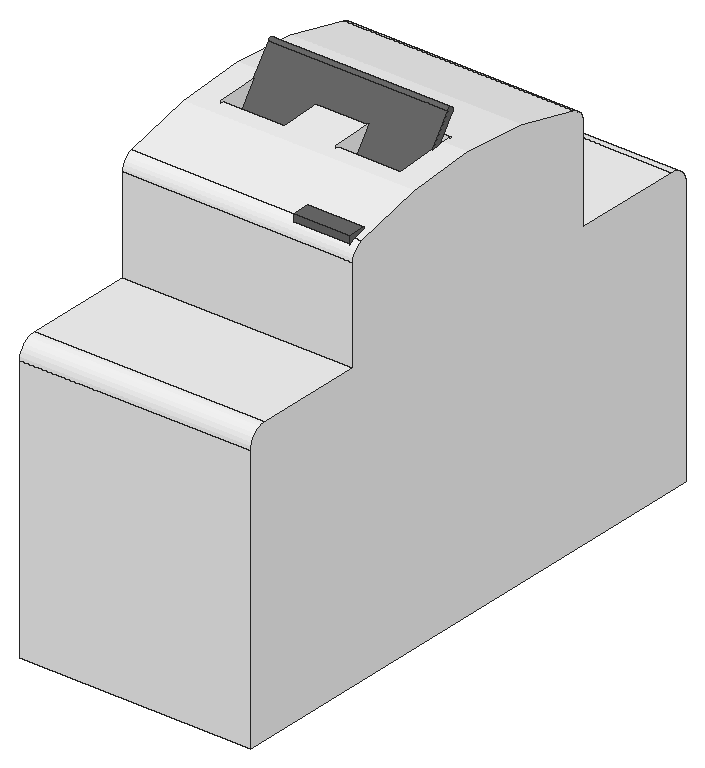
Revit family "Power-ModularDevices-GEWISS-90RCD-MDC100_2P", category Apparecchi elettrici, host Superficie, Revit 2016 (continued)
Definition of nested family "MAGTERDF"
  Lines and regions (mm)
    detail lines, not visible
      curve 47: line (-0.005, 3.21, 0) -> (0.852, 4.433, 0)
      curve 48: line (0.852, 4.433, 0) -> (1.529, 3.951, 0)
      curve 49: circle (-0.56, 2.417, 0) r 0.969 normal (0, 0, 1)
      curve 50: line (-0.005, 3.21, 0) -> (0.852, 4.433, 0)
      curve 51: line (0.852, 4.433, 0) -> (1.529, 3.951, 0)
      curve 52: line (-1.245, 3.102, 0) -> (0.124, 1.732, 0)
      curve 53: line (0.124, 3.102, 0) -> (-1.245, 1.732, 0)
      curve 54: line (0.493, 3.921, 0) -> (1.167, 3.442, 0)
      curve 55: line (0.493, 3.921, 0) -> (1.167, 3.442, 0)
      curve 56: circle (-0.56, 2.417, 0) r 0.969 normal (0, 0, 1)
      curve 57: line (-0.005, 3.21, 0) -> (0.852, 4.433, 0)
      curve 58: line (0.852, 4.433, 0) -> (1.529, 3.951, 0)
      curve 59: line (-0.56, 2.979, 0) -> (-0.56, 1.854, 0)
      curve 60: line (0.493, 3.921, 0) -> (1.167, 3.442, 0)
      curve 73: line (-1.644, 2.848, 0) -> (1.644, 2.848, 0)
      curve 74: line (-1.644, 0.61, 0) -> (-1.644, 2.848, 0)
      curve 75: line (1.644, 0.61, 0) -> (-1.644, 0.61, 0)
      curve 76: line (1.644, 2.848, 0) -> (1.644, 0.61, 0)
      curve 77: line (-1.325, 0.987, 0) -> (1.325, 0.987, 0)
      curve 78: circle (0, 1.912, 0) r 0.5 normal (0, 0, 1)
      curve 79: circle (0, 1.912, 0) r 0.8 normal (0, 0, 1)
      curve 80: line (-1.325, 0.987, 0) -> (1.325, 0.987, 0)
      curve 81: line (-0.354, 2.265, 0) -> (0.354, 1.558, 0)
      curve 82: line (0.354, 2.265, 0) -> (-0.354, 1.558, 0)
  Dimensions and locks
    "Distanza dal muro": plane 1 to nested 1
    aligned and locked: curve 5 to curve 3
    aligned and locked: plane 2 to nested 1
  Nested families
    nested 1: "MAGTERDF_BASE" at (0, 4.208, 0), BORDO ACCESO <- "BORDO ACCESO", visible <- "SIMBOLO", type "SIMBOLO"
      with TESTO ELETTRICO "Id", BORDO ACCESO yes
  Definition of nested family "MAGTERDF_BASE"
    Parameters (values of type "SIMBOLO")
      TESTO ELETTRICO [instance] = "Id"
      BORDO ACCESO [instance] = yes
    Reference planes
      plane 1: y = 0
      plane 2: x = 0
    Lines and regions (mm)
      detail lines, visible <- "BORDO ACCESO", not visible
        curve 1: line (-1.943, 9.208, 0) -> (1.857, 9.208, 0)
        curve 2: line (1.857, 9.208, 0) -> (1.857, 4.208, 0)
        curve 3: line (1.857, 4.208, 0) -> (-1.943, 4.208, 0)
        curve 4: line (-1.943, 4.208, 0) -> (-1.943, 9.208, 0)
        curve 5: line (-1.743, 9.008, 0) -> (1.657, 9.008, 0)
        curve 6: line (1.657, 9.008, 0) -> (1.657, 4.408, 0)
        curve 7: line (1.657, 4.408, 0) -> (-1.743, 4.408, 0)
        curve 8: line (-1.743, 4.408, 0) -> (-1.743, 9.008, 0)
      detail lines, not visible
        curve 9: line (-1.644, 2.848, 0) -> (1.644, 2.848, 0)
        curve 10: line (-1.644, 0.61, 0) -> (-1.644, 2.848, 0)
        curve 11: line (1.644, 0.61, 0) -> (-1.644, 0.61, 0)
        curve 12: line (1.644, 2.848, 0) -> (1.644, 0.61, 0)
        curve 13: line (-1.325, 0.987, 0) -> (1.325, 0.987, 0)
        curve 14: circle (0, 1.912, 0) r 0.5 normal (0, 0, 1)
        curve 15: circle (0, 1.912, 0) r 0.8 normal (0, 0, 1)
        curve 16: line (-1.325, 0.987, 0) -> (1.325, 0.987, 0)
        curve 17: line (-0.354, 2.265, 0) -> (0.354, 1.558, 0)
        curve 18: line (0.354, 2.265, 0) -> (-0.354, 1.558, 0)
        curve 19: circle (0, -4.588, 0) r 1 normal (0, 0, 1)
        curve 20: circle (0, -4.588, 0) r 0.749 normal (0, 0, 1)
        curve 21: line (0.53, -5.117, 0) -> (-0.53, -4.058, 0)
        curve 22: line (-0.53, -5.117, 0) -> (0.53, -4.058, 0)
        curve 23: circle (0, -6.992, 0) r 1 normal (0, 0, 1)
        curve 24: circle (0, -6.992, 0) r 0.749 normal (0, 0, 1)
        curve 25: circle (0, -8.992, 0) r 1 normal (0, 0, 1)
        curve 26: circle (0, -8.992, 0) r 0.749 normal (0, 0, 1)
        curve 27: circle (0, 2.508, 0) r 0.527 normal (0, 0, 1)
        curve 28: line (0, 2.809, 0) -> (0, 2.179, 0)
        curve 29: circle (0, 2.508, 0) r 0.394 normal (0, 0, 1)
        curve 30: line (0, 1.982, 0) -> (0, 1.691, 0)
        curve 31: line (-0.162, 1.691, 0) -> (0.162, 1.691, 0)
        curve 32: line (-0.162, 1.691, 0) -> (0, 1.41, 0)
        curve 33: line (0, 1.41, 0) -> (0.162, 1.691, 0)
        curve 34: line (-0.866, 3.093, 0) -> (0.866, 3.093, 0)
        curve 35: line (-0.866, 1.915, 0) -> (-0.866, 3.093, 0)
        curve 36: line (0.866, 1.915, 0) -> (-0.866, 1.915, 0)
        curve 37: line (0.866, 3.093, 0) -> (0.866, 1.915, 0)
        curve 38: line (-0.698, 2.113, 0) -> (0.698, 2.113, 0)
        curve 39: circle (0, 2.6, 0) r 0.263 normal (0, 0, 1)
        curve 40: circle (0, 2.6, 0) r 0.421 normal (0, 0, 1)
        curve 41: line (-0.698, 2.113, 0) -> (0.698, 2.113, 0)
        curve 42: line (-0.186, 2.786, 0) -> (0.186, 2.414, 0)
        curve 43: line (0.186, 2.786, 0) -> (-0.186, 2.414, 0)
        curve 44: circle (0, 2.508, 0) r 0.527 normal (0, 0, 1)
        curve 45: circle (0, 2.508, 0) r 0.394 normal (0, 0, 1)
        curve 46: line (0.279, 2.229, 0) -> (-0.279, 2.787, 0)
        curve 47: line (-0.279, 2.229, 0) -> (0.279, 2.787, 0)
        curve 48: circle (0, 3.035, 0) r 0.527 normal (0, 0, 1)
        curve 49: circle (0, 3.035, 0) r 0.394 normal (0, 0, 1)
        curve 50: circle (0, 1.982, 0) r 0.527 normal (0, 0, 1)
        curve 51: circle (0, 1.982, 0) r 0.394 normal (0, 0, 1)
        curve 52: line (7.117, 11.625, 0) -> (8, 12.528, 0)
        curve 53: line (7.117, 12.528, 0) -> (8, 11.625, 0)
        curve 54: line (4.688, 6.204, 0) -> (10.431, 6.204, 0)
        curve 55: line (10.431, 6.204, 0) -> (10.431, 0.331, 0)
        curve 56: line (10.431, 0.331, 0) -> (4.688, 0.331, 0)
        curve 57: line (4.688, 0.331, 0) -> (4.688, 6.204, 0)
        curve 58: line (4.688, 3.267, 0) -> (10.431, 3.267, 0)
        curve 59: line (5.351, 12.077, 0) -> (7.56, 7.332, 0)
        curve 60: line (7.56, 7.332, 0) -> (7.56, 6.204, 0)
        curve 61: line (7.56, 6.204, 0) -> (7.56, 5.525, 0)
        curve 62: line (7.56, 5.525, 0) -> (8.884, 5.525, 0)
        curve 63: line (8.884, 5.525, 0) -> (8.884, 3.944, 0)
        curve 64: line (8.884, 3.944, 0) -> (7.56, 3.944, 0)
        curve 65: line (7.56, 3.944, 0) -> (7.56, 3.267, 0)
        curve 66: line (7.56, 3.267, 0) -> (7.56, 2.362, 0)
        curve 67: line (7.56, 2.362, 0) -> (8.443, 2.362, 0)
        curve 68: line (8.443, 1.007, 0) -> (7.56, 1.007, 0)
        curve 69: line (7.56, 1.007, 0) -> (7.56, 0.331, 0)
        curve 70: line (5.651, 11.428, 0) -> (6.285, 10.069, 0)
        curve 71: line (6.285, 10.069, 0) -> (5.843, 9.843, 0)
        curve 72: line (5.843, 9.843, 0) -> (5.2, 11.2, 0)
        curve 73: line (5.2, 11.2, 0) -> (5.651, 11.428, 0)
        curve 74: line (5.651, 11.428, 0) -> (5.2, 11.2, 0)
        curve 75: line (5.2, 11.2, 0) -> (5.843, 9.843, 0)
        curve 76: line (5.843, 9.843, 0) -> (6.285, 10.069, 0)
        curve 77: line (6.285, 10.069, 0) -> (5.651, 11.428, 0)
        curve 78: line (5.651, 11.428, 0) -> (5.2, 11.2, 0)
        curve 79: line (5.2, 11.2, 0) -> (5.843, 9.843, 0)
        curve 80: line (5.843, 9.843, 0) -> (6.285, 10.069, 0)
        curve 81: line (6.285, 10.069, 0) -> (5.651, 11.428, 0)
        curve 82: line (5.651, 11.428, 0) -> (5.2, 11.2, 0)
        curve 83: line (5.2, 11.2, 0) -> (5.843, 9.843, 0)
        curve 84: line (5.843, 9.843, 0) -> (6.285, 10.069, 0)
        curve 85: line (4.688, 0.331, 0) -> (10.431, 0.331, 0)
        curve 86: line (10.431, 0.331, 0) -> (10.431, -2.606, 0)
        curve 87: line (10.431, -2.606, 0) -> (4.688, -2.606, 0)
        curve 88: line (4.688, -2.606, 0) -> (4.688, 0.331, 0)
        curve 89: line (7.56, -6.718, 0) -> (7.56, -2.606, 0)
        curve 90: line (7.56, 12.075, 0) -> (7.56, 16.775, 0)
        curve 91: arc (8.443, 2.362, 0) -> (9.12, 1.685, 0) -> (8.443, 1.007, 0) r 0.677
        curve 111: line (-1.483, 1.007, 0) -> (-1.663, 1.007, 0)
        curve 112: line (-1.483, 0.807, 0) -> (-1.483, 1.007, 0)
        curve 113: line (-1.663, 0.807, 0) -> (-1.483, 0.807, 0)
        curve 114: line (-1.663, 1.007, 0) -> (-1.663, 0.807, 0)
        curve 118: arc (1.499, 0.957, 0) -> (1.599, 1.057, 0) -> (1.499, 1.157, 0) r 0.1
        curve 119: line (1.499, 1.157, 0) -> (1.499, 0.957, 0)
      detail lines
        curve 92: line (-0.347, 1.488, 0) -> (0.346, 1.488, 0)
        curve 93: line (0.346, 1.488, 0) -> (0.346, 0.779, 0)
        curve 94: line (0.346, 0.779, 0) -> (-0.347, 0.779, 0)
        curve 95: line (-0.347, 0.779, 0) -> (-0.347, 1.488, 0)
        curve 96: line (-0.347, 1.134, 0) -> (0.346, 1.134, 0)
        curve 97: line (-0.267, 2.197, 0) -> (0, 1.624, 0)
        curve 98: line (0, 1.406, 0) -> (0.16, 1.406, 0)
        curve 99: line (0.16, 1.406, 0) -> (0.16, 1.216, 0)
        curve 100: line (0.16, 1.216, 0) -> (0, 1.216, 0)
        curve 101: line (-0.347, 0.779, 0) -> (0.346, 0.779, 0)
        curve 102: line (0.346, 0.779, 0) -> (0.346, 0.425, 0)
        curve 103: line (0.346, 0.425, 0) -> (-0.347, 0.425, 0)
        curve 104: line (-0.347, 0.425, 0) -> (-0.347, 0.779, 0)
        curve 105: line (0, 0.125, 0) -> (0, 0.863, 0)
        curve 106: line (0, 2.197, 0) -> (0, 2.397, 0)
        curve 107: line (0, 1.053, 0) -> (0.189, 1.053, 0)
        curve 108: line (0.191, 0.863, 0) -> (0, 0.863, 0)
        curve 109: line (-0.071, 2.127, 0) -> (0.068, 2.27, 0)
        curve 110: line (-0.071, 2.27, 0) -> (0.068, 2.127, 0)
        curve 115: line (0, 1.406, 0) -> (0, 1.624, 0)
        curve 116: line (0, 1.053, 0) -> (0, 1.216, 0)
        curve 117: arc (0.191, 0.863, 0) -> (0.26, 0.959, 0) -> (0.189, 1.053, 0) r 0.1
    Text (mm)
      label "Id" at (0.045, 0.601, 0), shows "TESTO ELETTRICO"
      label "TXT" at (0.016, 2.473, 0), shows "TESTO ELETTRICO", not visible
Types (94, lengths in mm): name | Voltaggio | URL | Type: | Type | Technical sheet | Rated voltage (EN/IEC 61009-1, 61009-2-1) | Rated voltage | Rated residual operating current | Rated current: | Rated current (In) | Produttore | Precision | Modello | Level of immunity (8/20 Âµs) | Label | Idn | IDT | EAN code | Descrizione | Curve | Breaking capacity EN 61009-1 230V (Icn) | Breaking capacity EN 61009-1 110V (Icn) | Breaking capacity EN 60947-2 230V (Icu) | Breaking capacity EN 60947-2 110V (Icu)
  (no name) | 230 V | 0 | "" | "" | "" | "" | "" | "" | "" | "" | 0 | "" | 0 | "" | "" | "" | "" | "" | 0 | "" | "" | "" | "" | ""
  GW95025 - COMPACT RCBO 2P C6 10KA AC/0.03 2M | 230 V | "https://www.gewiss.com/ww/en" | "AC" | "AC" | "https://www.gewiss.com/ww/en/search?q=GW95025" | "230/240 V" | "230V" | "30 mA" | "6A" | "6A" | "GEWISS S.p.A." | "30 mA" | "GW95025" | "250A" | "MDC 100" | "30MA" | "8d3df405-2b94-41b2-abbb-4ae20a51911e" | "8011564074910" | "COMPACT RCBO 2P C6 10KA AC/0.03 2M" | "C" | "10000A" | "" | "10KA" | ""
  GW95026 - COMPACT RCBO 2P C10 10KA AC/0.03 2M | 230 V | "https://www.gewiss.com/ww/en" | "AC" | "AC" | "https://www.gewiss.com/ww/en/search?q=GW95026" | "230/240 V" | "230V" | "30 mA" | "10A" | "10A" | "GEWISS S.p.A." | "30 mA" | "GW95026" | "250A" | "MDC 100" | "30MA" | "4df71ee7-823f-4e7f-9495-c35f6515f346" | "8011564074927" | "COMPACT RCBO 2P C10 10KA AC/0.03 2M" | "C" | "10000A" | "" | "10KA" | ""
  GW95031 - COMPACT RCBO 2P C13 10KA AC/0.03 2M | 230 V | "https://www.gewiss.com/ww/en" | "AC" | "AC" | "https://www.gewiss.com/ww/en/search?q=GW95031" | "230/240 V" | "230V" | "30 mA" | "13A" | "13A" | "GEWISS S.p.A." | "30 mA" | "GW95031" | "250A" | "MDC 100" | "30MA" | "c53fbdf6-36ba-49b1-aea4-9eb201a894e6" | "8011564225718" | "COMPACT RCBO 2P C13 10KA AC/0.03 2M" | "C" | "10000A" | "" | "10KA" | ""
  GW95027 - COMPACT RCBO 2P C16 10KA AC/0.03 2M | 230 V | "https://www.gewiss.com/ww/en" | "AC" | "AC" | "https://www.gewiss.com/ww/en/search?q=GW95027" | "230/240 V" | "230V" | "30 mA" | "16A" | "16A" | "GEWISS S.p.A." | "30 mA" | "GW95027" | "250A" | "MDC 100" | "30MA" | "2911f079-7d8e-415c-83a1-1bec5a62cdf2" | "8011564074934" | "COMPACT RCBO 2P C16 10KA AC/0.03 2M" | "C" | "10000A" | "" | "10KA" | ""
  GW95028 - COMPACT RCBO 2P C20 10KA AC/0.03 2M | 230 V | "https://www.gewiss.com/ww/en" | "AC" | "AC" | "https://www.gewiss.com/ww/en/search?q=GW95028" | "230/240 V" | "230V" | "30 mA" | "20A" | "20A" | "GEWISS S.p.A." | "30 mA" | "GW95028" | "250A" | "MDC 100" | "30MA" | "34488e40-f777-46bf-be80-f7eb6856161f" | "8011564074941" | "COMPACT RCBO 2P C20 10KA AC/0.03 2M" | "C" | "10000A" | "" | "10KA" | ""
  GW95029 - COMPACT RCBO 2P C25 10KA AC/0.03 2M | 230 V | "https://www.gewiss.com/ww/en" | "AC" | "AC" | "https://www.gewiss.com/ww/en/search?q=GW95029" | "230/240 V" | "230V" | "30 mA" | "25A" | "25A" | "GEWISS S.p.A." | "30 mA" | "GW95029" | "250A" | "MDC 100" | "30MA" | "785a46a9-d2c7-41ec-be68-d5f653aef145" | "8011564074958" | "COMPACT RCBO 2P C25 10KA AC/0.03 2M" | "C" | "10000A" | "" | "10KA" | ""
  GW95030 - COMPACT RCBO 2P C32 10KA AC/0.03 2M | 230 V | "https://www.gewiss.com/ww/en" | "AC" | "AC" | "https://www.gewiss.com/ww/en/search?q=GW95030" | "230/240 V" | "230V" | "30 mA" | "32A" | "32A" | "GEWISS S.p.A." | "30 mA" | "GW95030" | "250A" | "MDC 100" | "30MA" | "cef7baa3-4068-4053-bf54-cf54f08884fb" | "8011564074965" | "COMPACT RCBO 2P C32 10KA AC/0.03 2M" | "C" | "10000A" | "" | "10KA" | ""
  GW95035 - COMPACT RCBO 2P C6 10KA AC/0.3 2M | 230 V | "https://www.gewiss.com/ww/en" | "AC" | "AC" | "https://www.gewiss.com/ww/en/search?q=GW95035" | "230/240 V" | "230V" | "300 mA" | "6A" | "6A" | "GEWISS S.p.A." | "300 mA" | "GW95035" | "250A" | "MDC 100" | "300MA" | "61d4b7ec-5f7c-4d3a-9406-77a0bedc8bbe" | "8011564074972" | "COMPACT RCBO 2P C6 10KA AC/0.3 2M" | "C" | "10000A" | "" | "10KA" | ""
  GW95036 - COMPACT RCBO 2P C10 10KA AC/0.3 2M | 230 V | "https://www.gewiss.com/ww/en" | "AC" | "AC" | "https://www.gewiss.com/ww/en/search?q=GW95036" | "230/240 V" | "230V" | "300 mA" | "10A" | "10A" | "GEWISS S.p.A." | "300 mA" | "GW95036" | "250A" | "MDC 100" | "300MA" | "470cc50c-d7bb-4e66-ae8b-33a25cb853f2" | "8011564074989" | "COMPACT RCBO 2P C10 10KA AC/0.3 2M" | "C" | "10000A" | "" | "10KA" | ""
  GW95037 - COMPACT RCBO 2P C16 10KA AC/0.3 2M | 230 V | "https://www.gewiss.com/ww/en" | "AC" | "AC" | "https://www.gewiss.com/ww/en/search?q=GW95037" | "230/240 V" | "230V" | "300 mA" | "16A" | "16A" | "GEWISS S.p.A." | "300 mA" | "GW95037" | "250A" | "MDC 100" | "300MA" | "8ee01219-1780-49d7-a92f-3f1024cab5d4" | "8011564074996" | "COMPACT RCBO 2P C16 10KA AC/0.3 2M" | "C" | "10000A" | "" | "10KA" | ""
  GW95038 - COMPACT RCBO 2P C20 10KA AC/0.3 2M | 230 V | "https://www.gewiss.com/ww/en" | "AC" | "AC" | "https://www.gewiss.com/ww/en/search?q=GW95038" | "230/240 V" | "230V" | "300 mA" | "20A" | "20A" | "GEWISS S.p.A." | "300 mA" | "GW95038" | "250A" | "MDC 100" | "300MA" | "73f81947-e090-4e4b-888d-0dbdc01fe8bd" | "8011564075009" | "COMPACT RCBO 2P C20 10KA AC/0.3 2M" | "C" | "10000A" | "" | "10KA" | ""
  GW95039 - COMPACT RCBO 2P C25 10KA AC/0.3 2M | 230 V | "https://www.gewiss.com/ww/en" | "AC" | "AC" | "https://www.gewiss.com/ww/en/search?q=GW95039" | "230/240 V" | "230V" | "300 mA" | "25A" | "25A" | "GEWISS S.p.A." | "300 mA" | "GW95039" | "250A" | "MDC 100" | "300MA" | "476ae98d-d1b4-45bc-b0cf-247df32e742a" | "8011564075016" | "COMPACT RCBO 2P C25 10KA AC/0.3 2M" | "C" | "10000A" | "" | "10KA" | ""
  GW95040 - COMPACT RCBO 2P C32 10KA AC/0.3 2M | 230 V | "https://www.gewiss.com/ww/en" | "AC" | "AC" | "https://www.gewiss.com/ww/en/search?q=GW95040" | "230/240 V" | "230V" | "300 mA" | "32A" | "32A" | "GEWISS S.p.A." | "300 mA" | "GW95040" | "250A" | "MDC 100" | "300MA" | "ebbe6a09-b8e5-4852-9caa-f9ab46d6149f" | "8011564075023" | "COMPACT RCBO 2P C32 10KA AC/0.3 2M" | "C" | "10000A" | "" | "10KA" | ""
  GW95025MA - COMPACT RCBO 2P C6 10KA AC/0.03 2M MA | 110 V | "https://www.gewiss.com/ww/en" | "AC" | "AC" | "https://www.gewiss.com/ww/en/search?q=GW95025MA" | "110 V" | "110V" | "30 mA" | "6A" | "6A" | "GEWISS S.p.A." | "30 mA" | "GW95025MA" | "250A" | "MDC 100 MA" | "30MA" | "9a266e9e-bd10-4031-a347-484345d2219b" | "8011564290112" | "COMPACT RCBO 2P C6 10KA AC/0.03 2M MA" | "C" | "" | "10000A" | "" | "10KA"
  GW95026MA - COMPACT RCBO 2P C10 10KA AC/0.03 2M MA | 110 V | "https://www.gewiss.com/ww/en" | "AC" | "AC" | "https://www.gewiss.com/ww/en/search?q=GW95026MA" | "110 V" | "110V" | "30 mA" | "10A" | "10A" | "GEWISS S.p.A." | "30 mA" | "GW95026MA" | "250A" | "MDC 100 MA" | "30MA" | "06e7e076-0ccf-4758-9e00-fe7e99cc8792" | "8011564290129" | "COMPACT RCBO 2P C10 10KA AC/0.03 2M MA" | "C" | "" | "10000A" | "" | "10KA"
  GW95031MA - COMPACT RCBO 2P C13 10KA AC/0.03 2M MA | 110 V | "https://www.gewiss.com/ww/en" | "AC" | "AC" | "https://www.gewiss.com/ww/en/search?q=GW95031MA" | "110 V" | "110V" | "30 mA" | "13A" | "13A" | "GEWISS S.p.A." | "30 mA" | "GW95031MA" | "250A" | "MDC 100 MA" | "30MA" | "1738b5a5-0bda-4605-a4f1-d76b1fc361c2" | "8011564290181" | "COMPACT RCBO 2P C13 10KA AC/0.03 2M MA" | "C" | "" | "10000A" | "" | "10KA"
  GW95027MA - COMPACT RCBO 2P C16 10KA AC/0.03 2M MA | 110 V | "https://www.gewiss.com/ww/en" | "AC" | "AC" | "https://www.gewiss.com/ww/en/search?q=GW95027MA" | "110 V" | "110V" | "30 mA" | "16A" | "16A" | "GEWISS S.p.A." | "30 mA" | "GW95027MA" | "250A" | "MDC 100 MA" | "30MA" | "b505edd6-6974-4201-98b6-621f474057dd" | "8011564290136" | "COMPACT RCBO 2P C16 10KA AC/0.03 2M MA" | "C" | "" | "10000A" | "" | "10KA"
  GW95028MA - COMPACT RCBO 2P C20 10KA AC/0.03 2M MA | 110 V | "https://www.gewiss.com/ww/en" | "AC" | "AC" | "https://www.gewiss.com/ww/en/search?q=GW95028MA" | "110 V" | "110V" | "30 mA" | "20A" | "20A" | "GEWISS S.p.A." | "30 mA" | "GW95028MA" | "250A" | "MDC 100 MA" | "30MA" | "aa53217a-7c3b-4a70-ada0-b0338a0a4f2e" | "8011564290143" | "COMPACT RCBO 2P C20 10KA AC/0.03 2M MA" | "C" | "" | "10000A" | "" | "10KA"
  GW95029MA - COMPACT RCBO 2P C25 10KA AC/0.03 2M MA | 110 V | "https://www.gewiss.com/ww/en" | "AC" | "AC" | "https://www.gewiss.com/ww/en/search?q=GW95029MA" | "110 V" | "110V" | "30 mA" | "25A" | "25A" | "GEWISS S.p.A." | "30 mA" | "GW95029MA" | "250A" | "MDC 100 MA" | "30MA" | "e248f7ee-5daf-4f11-9072-e54e1fbd2769" | "8011564290150" | "COMPACT RCBO 2P C25 10KA AC/0.03 2M MA" | "C" | "" | "10000A" | "" | "10KA"
  GW95030MA - COMPACT RCBO 2P C32 10KA AC/0.03 2M MA | 110 V | "https://www.gewiss.com/ww/en" | "AC" | "AC" | "https://www.gewiss.com/ww/en/search?q=GW95030MA" | "110 V" | "110V" | "30 mA" | "32A" | "32A" | "GEWISS S.p.A." | "30 mA" | "GW95030MA" | "250A" | "MDC 100 MA" | "30MA" | "74f526b3-6cd4-4703-bdeb-b57e016a5c17" | "8011564290167" | "COMPACT RCBO 2P C32 10KA AC/0.03 2M MA" | "C" | "" | "10000A" | "" | "10KA"
  GW95035MA - COMPACT RCBO 2P C6 10KA AC/0.3 2M MA | 110 V | "https://www.gewiss.com/ww/en" | "AC" | "AC" | "https://www.gewiss.com/ww/en/search?q=GW95035MA" | "110 V" | "110V" | "300 mA" | "6A" | "6A" | "GEWISS S.p.A." | "300 mA" | "GW95035MA" | "250A" | "MDC 100 MA" | "300MA" | "3044028a-7ae3-4745-b569-a2c49f17d98d" | "8011564290198" | "COMPACT RCBO 2P C6 10KA AC/0.3 2M MA" | "C" | "" | "10000A" | "" | "10KA"
  GW95036MA - COMPACT RCBO 2P C10 10KA AC/0.3 2M MA | 110 V | "https://www.gewiss.com/ww/en" | "AC" | "AC" | "https://www.gewiss.com/ww/en/search?q=GW95036MA" | "110 V" | "110V" | "300 mA" | "10A" | "10A" | "GEWISS S.p.A." | "300 mA" | "GW95036MA" | "250A" | "MDC 100 MA" | "300MA" | "f0452852-e5bf-429a-b7a1-7e3b9b7751ef" | "8011564290204" | "COMPACT RCBO 2P C10 10KA AC/0.3 2M MA" | "C" | "" | "10000A" | "" | "10KA"
  GW95037MA - COMPACT RCBO 2P C16 10KA AC/0.3 2M MA | 110 V | "https://www.gewiss.com/ww/en" | "AC" | "AC" | "https://www.gewiss.com/ww/en/search?q=GW95037MA" | "110 V" | "110V" | "300 mA" | "16A" | "16A" | "GEWISS S.p.A." | "300 mA" | "GW95037MA" | "250A" | "MDC 100 MA" | "300MA" | "c5d4dd80-1820-4e70-ada6-ad7d2824a3a4" | "8011564290211" | "COMPACT RCBO 2P C16 10KA AC/0.3 2M MA" | "C" | "" | "10000A" | "" | "10KA"
  GW95038MA - COMPACT RCBO 2P C20 10KA AC/0.3 2M MA | 110 V | "https://www.gewiss.com/ww/en" | "AC" | "AC" | "https://www.gewiss.com/ww/en/search?q=GW95038MA" | "110 V" | "110V" | "300 mA" | "20A" | "20A" | "GEWISS S.p.A." | "300 mA" | "GW95038MA" | "250A" | "MDC 100 MA" | "300MA" | "20732e93-191b-4e5c-86b0-1e9af31cb2cf" | "8011564290228" | "COMPACT RCBO 2P C20 10KA AC/0.3 2M MA" | "C" | "" | "10000A" | "" | "10KA"
  GW95039MA - COMPACT RCBO 2P C25 10KA AC/0.3 2M MA | 110 V | "https://www.gewiss.com/ww/en" | "AC" | "AC" | "https://www.gewiss.com/ww/en/search?q=GW95039MA" | "110 V" | "110V" | "300 mA" | "25A" | "25A" | "GEWISS S.p.A." | "300 mA" | "GW95039MA" | "250A" | "MDC 100 MA" | "300MA" | "c3b2cb3b-a31d-451f-8665-ff45604eb010" | "8011564290235" | "COMPACT RCBO 2P C25 10KA AC/0.3 2M MA" | "C" | "" | "10000A" | "" | "10KA"
  GW95040MA - COMPACT RCBO 2P C32 10KA AC/0.3 2M MA | 110 V | "https://www.gewiss.com/ww/en" | "AC" | "AC" | "https://www.gewiss.com/ww/en/search?q=GW95040MA" | "110 V" | "110V" | "300 mA" | "32A" | "32A" | "GEWISS S.p.A." | "300 mA" | "GW95040MA" | "250A" | "MDC 100 MA" | "300MA" | "84fd35af-3bf8-4637-9dc6-1dd138947f5a" | "8011564290242" | "COMPACT RCBO 2P C32 10KA AC/0.3 2M MA" | "C" | "" | "10000A" | "" | "10KA"
  GW95225 - COMPACT RCBO 2P C6 10KA A/0.03 2M | 230 V | "https://www.gewiss.com/ww/en" | "A" | "A" | "https://www.gewiss.com/ww/en/search?q=GW95225" | "230/240 V" | "230V" | "30 mA" | "6A" | "6A" | "GEWISS S.p.A." | "30 mA" | "GW95225" | "250A" | "MDC 100" | "30MA" | "59254c79-621a-4e6a-b281-44ac091b148a" | "8011564075153" | "COMPACT RCBO 2P C6 10KA A/0.03 2M" | "C" | "10000A" | "" | "10KA" | ""
  GW95226 - COMPACT RCBO 2P C10 10KA A/0.03 2M | 230 V | "https://www.gewiss.com/ww/en" | "A" | "A" | "https://www.gewiss.com/ww/en/search?q=GW95226" | "230/240 V" | "230V" | "30 mA" | "10A" | "10A" | "GEWISS S.p.A." | "30 mA" | "GW95226" | "250A" | "MDC 100" | "30MA" | "ab66e9f6-10cd-48bf-89da-16d7f44cc899" | "8011564075160" | "COMPACT RCBO 2P C10 10KA A/0.03 2M" | "C" | "10000A" | "" | "10KA" | ""
  GW95231 - COMPACT RCBO 2P C13 10KA A/0.03 2M | 230 V | "https://www.gewiss.com/ww/en" | "A" | "A" | "https://www.gewiss.com/ww/en/search?q=GW95231" | "230/240 V" | "230V" | "30 mA" | "13A" | "13A" | "GEWISS S.p.A." | "30 mA" | "GW95231" | "250A" | "MDC 100" | "30MA" | "bccc4f55-775f-46a0-b507-907bf0f9322c" | "8011564225732" | "COMPACT RCBO 2P C13 10KA A/0.03 2M" | "C" | "10000A" | "" | "10KA" | ""
  GW95227 - COMPACT RCBO 2P C16 10KA A/0.03 2M | 230 V | "https://www.gewiss.com/ww/en" | "A" | "A" | "https://www.gewiss.com/ww/en/search?q=GW95227" | "230/240 V" | "230V" | "30 mA" | "16A" | "16A" | "GEWISS S.p.A." | "30 mA" | "GW95227" | "250A" | "MDC 100" | "30MA" | "f5cbd4df-0557-44c9-8db2-caaa49df2483" | "8011564075177" | "COMPACT RCBO 2P C16 10KA A/0.03 2M" | "C" | "10000A" | "" | "10KA" | ""
  GW95228 - COMPACT RCBO 2P C20 10KA A/0.03 2M | 230 V | "https://www.gewiss.com/ww/en" | "A" | "A" | "https://www.gewiss.com/ww/en/search?q=GW95228" | "230/240 V" | "230V" | "30 mA" | "20A" | "20A" | "GEWISS S.p.A." | "30 mA" | "GW95228" | "250A" | "MDC 100" | "30MA" | "9d7c4511-efdd-42b4-9876-0df94180fbe6" | "8011564075184" | "COMPACT RCBO 2P C20 10KA A/0.03 2M" | "C" | "10000A" | "" | "10KA" | ""
  GW95229 - COMPACT RCBO 2P C25 10KA A/0.03 2M | 230 V | "https://www.gewiss.com/ww/en" | "A" | "A" | "https://www.gewiss.com/ww/en/search?q=GW95229" | "230/240 V" | "230V" | "30 mA" | "25A" | "25A" | "GEWISS S.p.A." | "30 mA" | "GW95229" | "250A" | "MDC 100" | "30MA" | "f1d58a39-596c-4bea-a92b-32ceda610c04" | "8011564075191" | "COMPACT RCBO 2P C25 10KA A/0.03 2M" | "C" | "10000A" | "" | "10KA" | ""
  GW95230 - COMPACT RCBO 2P C32 10KA A/0.03 2M | 230 V | "https://www.gewiss.com/ww/en" | "A" | "A" | "https://www.gewiss.com/ww/en/search?q=GW95230" | "230/240 V" | "230V" | "30 mA" | "32A" | "32A" | "GEWISS S.p.A." | "30 mA" | "GW95230" | "250A" | "MDC 100" | "30MA" | "b47ba6e6-ff97-4d5d-a438-04656d558f9b" | "8011564075207" | "COMPACT RCBO 2P C32 10KA A/0.03 2M" | "C" | "10000A" | "" | "10KA" | ""
  GW95785 - COMPACT RCBO 2P C6 10KA A/0.1 2M | 230 V | "https://www.gewiss.com/ww/en" | "A" | "A" | "https://www.gewiss.com/ww/en/search?q=GW95785" | "230/240 V" | "230V" | "100 mA" | "6A" | "6A" | "GEWISS S.p.A." | "100 mA" | "GW95785" | "250A" | "MDC 100" | "100MA" | "5ae4ba83-7b6d-48cf-99bd-327e50f52a06" | "8011564761766" | "COMPACT RCBO 2P C6 10KA A/0.1 2M" | "C" | "10000A" | "" | "10KA" | ""
  GW95786 - COMPACT RCBO 2P C10 10KA A/0,1 2M | 230 V | "https://www.gewiss.com/ww/en" | "A" | "A" | "https://www.gewiss.com/ww/en/search?q=GW95786" | "230/240 V" | "230V" | "100 mA" | "10A" | "10A" | "GEWISS S.p.A." | "100 mA" | "GW95786" | "250A" | "MDC 100" | "100MA" | "d940232a-88b4-4478-ab03-bc6f0de0e571" | "8011564761773" | "COMPACT RCBO 2P C10 10KA A/0,1 2M" | "C" | "10000A" | "" | "10KA" | ""
  GW95791 - COMPACT RCBO 2P C13 10KA A/0,1 2M | 230 V | "https://www.gewiss.com/ww/en" | "A" | "A" | "https://www.gewiss.com/ww/en/search?q=GW95791" | "230/240 V" | "230V" | "100 mA" | "13A" | "13A" | "GEWISS S.p.A." | "100 mA" | "GW95791" | "250A" | "MDC 100" | "100MA" | "065e3638-e3a1-4463-b714-94e7fb54064d" | "8011564761780" | "COMPACT RCBO 2P C13 10KA A/0,1 2M" | "C" | "10000A" | "" | "10KA" | ""
  GW95787 - COMPACT RCBO 2P C16 10KA A/0,1 2M | 230 V | "https://www.gewiss.com/ww/en" | "A" | "A" | "https://www.gewiss.com/ww/en/search?q=GW95787" | "230/240 V" | "230V" | "100 mA" | "16A" | "16A" | "GEWISS S.p.A." | "100 mA" | "GW95787" | "250A" | "MDC 100" | "100MA" | "c879aa6a-730a-4484-a592-5c65a97b3333" | "8011564761803" | "COMPACT RCBO 2P C16 10KA A/0,1 2M" | "C" | "10000A" | "" | "10KA" | ""
  GW95788 - COMPACT RCBO 2P C20 10KA A/0,1 2M | 230 V | "https://www.gewiss.com/ww/en" | "A" | "A" | "https://www.gewiss.com/ww/en/search?q=GW95788" | "230/240 V" | "230V" | "100 mA" | "20A" | "20A" | "GEWISS S.p.A." | "100 mA" | "GW95788" | "250A" | "MDC 100" | "100MA" | "b3db33b1-4f5e-4ddb-866b-3b219bdbb8de" | "8011564762114" | "COMPACT RCBO 2P C20 10KA A/0,1 2M" | "C" | "10000A" | "" | "10KA" | ""
  GW95789 - COMPACT RCBO 2P C25 10KA A/0,1 2M | 230 V | "https://www.gewiss.com/ww/en" | "A" | "A" | "https://www.gewiss.com/ww/en/search?q=GW95789" | "230/240 V" | "230V" | "100 mA" | "25A" | "25A" | "GEWISS S.p.A." | "100 mA" | "GW95789" | "250A" | "MDC 100" | "100MA" | "13958a28-d176-4fab-861e-eb0c0f83606a" | "8011564762121" | "COMPACT RCBO 2P C25 10KA A/0,1 2M" | "C" | "10000A" | "" | "10KA" | ""
  GW95790 - COMPACT RCBO 2P C32 10KA A/0,1 2M | 230 V | "https://www.gewiss.com/ww/en" | "A" | "A" | "https://www.gewiss.com/ww/en/search?q=GW95790" | "230/240 V" | "230V" | "100 mA" | "32A" | "32A" | "GEWISS S.p.A." | "100 mA" | "GW95790" | "250A" | "MDC 100" | "100MA" | "fed37c13-0c40-46fb-bd3a-4c2dbf285644" | "8011564762138" | "COMPACT RCBO 2P C32 10KA A/0,1 2M" | "C" | "10000A" | "" | "10KA" | ""
  GW95235 - COMPACT RCBO 2P C6 10KA A/0.3 2M | 230 V | "https://www.gewiss.com/ww/en" | "A" | "A" | "https://www.gewiss.com/ww/en/search?q=GW95235" | "230/240 V" | "230V" | "300 mA" | "6A" | "6A" | "GEWISS S.p.A." | "300 mA" | "GW95235" | "250A" | "MDC 100" | "300MA" | "92243eb9-68e5-4b25-83f0-029854a989b3" | "8011564075214" | "COMPACT RCBO 2P C6 10KA A/0.3 2M" | "C" | "10000A" | "" | "10KA" | ""
  GW95236 - COMPACT RCBO 2P C10 10KA A/0.3 2M | 230 V | "https://www.gewiss.com/ww/en" | "A" | "A" | "https://www.gewiss.com/ww/en/search?q=GW95236" | "230/240 V" | "230V" | "300 mA" | "10A" | "10A" | "GEWISS S.p.A." | "300 mA" | "GW95236" | "250A" | "MDC 100" | "300MA" | "208660c0-d08f-48c8-be26-974c65361ca3" | "8011564075221" | "COMPACT RCBO 2P C10 10KA A/0.3 2M" | "C" | "10000A" | "" | "10KA" | ""
  GW95237 - COMPACT RCBO 2P C16 10KA A/0.3 2M | 230 V | "https://www.gewiss.com/ww/en" | "A" | "A" | "https://www.gewiss.com/ww/en/search?q=GW95237" | "230/240 V" | "230V" | "300 mA" | "16A" | "16A" | "GEWISS S.p.A." | "300 mA" | "GW95237" | "250A" | "MDC 100" | "300MA" | "34c59763-acbc-477f-80fe-6c555488319b" | "8011564075238" | "COMPACT RCBO 2P C16 10KA A/0.3 2M" | "C" | "10000A" | "" | "10KA" | ""
  GW95238 - COMPACT RCBO 2P C20 10KA A/0.3 2M | 230 V | "https://www.gewiss.com/ww/en" | "A" | "A" | "https://www.gewiss.com/ww/en/search?q=GW95238" | "230/240 V" | "230V" | "300 mA" | "20A" | "20A" | "GEWISS S.p.A." | "300 mA" | "GW95238" | "250A" | "MDC 100" | "300MA" | "cbd15491-6bee-498f-ac24-4456ae35b8d3" | "8011564075245" | "COMPACT RCBO 2P C20 10KA A/0.3 2M" | "C" | "10000A" | "" | "10KA" | ""
  GW95239 - COMPACT RCBO 2P C25 10KA A/0.3 2M | 230 V | "https://www.gewiss.com/ww/en" | "A" | "A" | "https://www.gewiss.com/ww/en/search?q=GW95239" | "230/240 V" | "230V" | "300 mA" | "25A" | "25A" | "GEWISS S.p.A." | "300 mA" | "GW95239" | "250A" | "MDC 100" | "300MA" | "375398ad-91eb-4bf6-8f16-bd3b0583852d" | "8011564075252" | "COMPACT RCBO 2P C25 10KA A/0.3 2M" | "C" | "10000A" | "" | "10KA" | ""
  GW95240 - COMPACT RCBO 2P C32 10KA A/0.3 2M | 230 V | "https://www.gewiss.com/ww/en" | "A" | "A" | "https://www.gewiss.com/ww/en/search?q=GW95240" | "230/240 V" | "230V" | "300 mA" | "32A" | "32A" | "GEWISS S.p.A." | "300 mA" | "GW95240" | "250A" | "MDC 100" | "300MA" | "2905961d-9cb0-4e42-addb-4d7eaa87ef24" | "8011564075269" | "COMPACT RCBO 2P C32 10KA A/0.3 2M" | "C" | "10000A" | "" | "10KA" | ""
  GW95225MA - COMPACT RCBO 2P C6 10KA A/0.03 2M MA | 110 V | "https://www.gewiss.com/ww/en" | "A" | "A" | "https://www.gewiss.com/ww/en/search?q=GW95225MA" | "110 V" | "110V" | "30 mA" | "6A" | "6A" | "GEWISS S.p.A." | "30 mA" | "GW95225MA" | "250A" | "MDC 100 MA" | "30MA" | "3a9d1f13-efc1-44cb-a8ed-a62d16c4b23f" | "8011564290259" | "COMPACT RCBO 2P C6 10KA A/0.03 2M MA" | "C" | "" | "10000A" | "" | "10KA"
  GW95226MA - COMPACT RCBO 2P C10 10KA A/0.03 2M MA | 110 V | "https://www.gewiss.com/ww/en" | "A" | "A" | "https://www.gewiss.com/ww/en/search?q=GW95226MA" | "110 V" | "110V" | "30 mA" | "10A" | "10A" | "GEWISS S.p.A." | "30 mA" | "GW95226MA" | "250A" | "MDC 100 MA" | "30MA" | "53af19e2-d07b-49f5-b439-ad5baef12249" | "8011564290266" | "COMPACT RCBO 2P C10 10KA A/0.03 2M MA" | "C" | "" | "10000A" | "" | "10KA"
  GW95231MA - COMPACT RCBO 2P C13 10KA A/0.03 2M MA | 110 V | "https://www.gewiss.com/ww/en" | "A" | "A" | "https://www.gewiss.com/ww/en/search?q=GW95231MA" | "110 V" | "110V" | "30 mA" | "13A" | "13A" | "GEWISS S.p.A." | "30 mA" | "GW95231MA" | "250A" | "MDC 100 MA" | "30MA" | "d2e55c12-641f-40ac-a9ee-685cc6cc9647" | "8011564290310" | "COMPACT RCBO 2P C13 10KA A/0.03 2M MA" | "C" | "" | "10000A" | "" | "10KA"
  GW95227MA - COMPACT RCBO 2P C16 10KA A/0.03 2M MA | 110 V | "https://www.gewiss.com/ww/en" | "A" | "A" | "https://www.gewiss.com/ww/en/search?q=GW95227MA" | "110 V" | "110V" | "30 mA" | "16A" | "16A" | "GEWISS S.p.A." | "30 mA" | "GW95227MA" | "250A" | "MDC 100 MA" | "30MA" | "5c30c3ca-49cf-4cdb-8795-e14a136535c2" | "8011564290273" | "COMPACT RCBO 2P C16 10KA A/0.03 2M MA" | "C" | "" | "10000A" | "" | "10KA"
  GW95228MA - COMPACT RCBO 2P C20 10KA A/0.03 2M MA | 110 V | "https://www.gewiss.com/ww/en" | "A" | "A" | "https://www.gewiss.com/ww/en/search?q=GW95228MA" | "110 V" | "110V" | "30 mA" | "20A" | "20A" | "GEWISS S.p.A." | "30 mA" | "GW95228MA" | "250A" | "MDC 100 MA" | "30MA" | "c6c49aa3-bc73-46fe-98d6-875c9d60fadc" | "8011564290280" | "COMPACT RCBO 2P C20 10KA A/0.03 2M MA" | "C" | "" | "10000A" | "" | "10KA"
  GW95229MA - COMPACT RCBO 2P C25 10KA A/0.03 2M MA | 110 V | "https://www.gewiss.com/ww/en" | "A" | "A" | "https://www.gewiss.com/ww/en/search?q=GW95229MA" | "110 V" | "110V" | "30 mA" | "25A" | "25A" | "GEWISS S.p.A." | "30 mA" | "GW95229MA" | "250A" | "MDC 100 MA" | "30MA" | "9976b865-3ad7-41d2-86dd-14ee4e4a3008" | "8011564290297" | "COMPACT RCBO 2P C25 10KA A/0.03 2M MA" | "C" | "" | "10000A" | "" | "10KA"
  GW95230MA - COMPACT RCBO 2P C32 10KA A/0.03 2M MA | 110 V | "https://www.gewiss.com/ww/en" | "A" | "A" | "https://www.gewiss.com/ww/en/search?q=GW95230MA" | "110 V" | "110V" | "30 mA" | "32A" | "32A" | "GEWISS S.p.A." | "30 mA" | "GW95230MA" | "250A" | "MDC 100 MA" | "30MA" | "cbef5193-2dd8-40d6-883b-96e3ab055651" | "8011564290303" | "COMPACT RCBO 2P C32 10KA A/0.03 2M MA" | "C" | "" | "10000A" | "" | "10KA"
  GW95235MA - COMPACT RCBO 2P C6 10KA A/0.3 2M MA | 110 V | "https://www.gewiss.com/ww/en" | "A" | "A" | "https://www.gewiss.com/ww/en/search?q=GW95235MA" | "110 V" | "110V" | "300 mA" | "6A" | "6A" | "GEWISS S.p.A." | "300 mA" | "GW95235MA" | "250A" | "MDC 100 MA" | "300MA" | "cb18624b-106c-4118-be43-0250a134d9f8" | "8011564290327" | "COMPACT RCBO 2P C6 10KA A/0.3 2M MA" | "C" | "" | "10000A" | "" | "10KA"
  GW95236MA - COMPACT RCBO 2P C10 10KA A/0.3 2M MA | 110 V | "https://www.gewiss.com/ww/en" | "A" | "A" | "https://www.gewiss.com/ww/en/search?q=GW95236MA" | "110 V" | "110V" | "300 mA" | "10A" | "10A" | "GEWISS S.p.A." | "300 mA" | "GW95236MA" | "250A" | "MDC 100 MA" | "300MA" | "cb96da88-0a12-49ba-938a-730de3e56efa" | "8011564290334" | "COMPACT RCBO 2P C10 10KA A/0.3 2M MA" | "C" | "" | "10000A" | "" | "10KA"
  GW95237MA - COMPACT RCBO 2P C16 10KA A/0.3 2M MA | 110 V | "https://www.gewiss.com/ww/en" | "A" | "A" | "https://www.gewiss.com/ww/en/search?q=GW95237MA" | "110 V" | "110V" | "300 mA" | "16A" | "16A" | "GEWISS S.p.A." | "300 mA" | "GW95237MA" | "250A" | "MDC 100 MA" | "300MA" | "cdfc1aa6-e89b-4c9b-8142-904cc8a54fd9" | "8011564290341" | "COMPACT RCBO 2P C16 10KA A/0.3 2M MA" | "C" | "" | "10000A" | "" | "10KA"
  GW95238MA - COMPACT RCBO 2P C20 10KA A/0.3 2M MA | 110 V | "https://www.gewiss.com/ww/en" | "A" | "A" | "https://www.gewiss.com/ww/en/search?q=GW95238MA" | "110 V" | "110V" | "300 mA" | "20A" | "20A" | "GEWISS S.p.A." | "300 mA" | "GW95238MA" | "250A" | "MDC 100 MA" | "300MA" | "2f9a3bba-e2a5-4a57-9784-1699f75d5311" | "8011564290358" | "COMPACT RCBO 2P C20 10KA A/0.3 2M MA" | "C" | "" | "10000A" | "" | "10KA"
  GW95239MA - COMPACT RCBO 2P C25 10KA A/0.3 2M MA | 110 V | "https://www.gewiss.com/ww/en" | "A" | "A" | "https://www.gewiss.com/ww/en/search?q=GW95239MA" | "110 V" | "110V" | "300 mA" | "25A" | "25A" | "GEWISS S.p.A." | "300 mA" | "GW95239MA" | "250A" | "MDC 100 MA" | "300MA" | "58b2abae-e0da-436b-a173-b2e8a23af3b5" | "8011564290365" | "COMPACT RCBO 2P C25 10KA A/0.3 2M MA" | "C" | "" | "10000A" | "" | "10KA"
  GW95240MA - COMPACT RCBO 2P C32 10KA A/0.3 2M MA | 110 V | "https://www.gewiss.com/ww/en" | "A" | "A" | "https://www.gewiss.com/ww/en/search?q=GW95240MA" | "110 V" | "110V" | "300 mA" | "32A" | "32A" | "GEWISS S.p.A." | "300 mA" | "GW95240MA" | "250A" | "MDC 100 MA" | "300MA" | "0affcc8d-4668-4659-9748-a80c5e436b3e" | "8011564290372" | "COMPACT RCBO 2P C32 10KA A/0.3 2M MA" | "C" | "" | "10000A" | "" | "10KA"
  GW95825 - COMPACT RCBO 2P C6 10KA AIR/0,03 2M | 230 V | "https://www.gewiss.com/ww/en" | "A[IR]" | "A(IR)" | "https://www.gewiss.com/ww/en/search?q=GW95825" | "230/240 V" | "230V" | "30 mA" | "6A" | "6A" | "GEWISS S.p.A." | "30 mA" | "GW95825" | "3000A" | "MDC 100" | "30MA" | "950cdfd1-a7f0-401a-a5fd-3199c57bfbe0" | "8011564762367" | "COMPACT RCBO 2P C6 10KA AIR/0,03 2M" | "C" | "10000A" | "" | "10KA" | ""
  GW95826 - COMPACT RCBO 2P C10 10KA AIR/0,03 2M | 230 V | "https://www.gewiss.com/ww/en" | "A[IR]" | "A(IR)" | "https://www.gewiss.com/ww/en/search?q=GW95826" | "230/240 V" | "230V" | "30 mA" | "10A" | "10A" | "GEWISS S.p.A." | "30 mA" | "GW95826" | "3000A" | "MDC 100" | "30MA" | "b10e231e-a45b-4356-ac37-9c3c49304c85" | "8011564762374" | "COMPACT RCBO 2P C10 10KA AIR/0,03 2M" | "C" | "10000A" | "" | "10KA" | ""
  GW95831 - COMPACT RCBO 2P C13 10KA AIR/0,03 2M | 230 V | "https://www.gewiss.com/ww/en" | "A[IR]" | "A(IR)" | "https://www.gewiss.com/ww/en/search?q=GW95831" | "230/240 V" | "230V" | "30 mA" | "13A" | "13A" | "GEWISS S.p.A." | "30 mA" | "GW95831" | "3000A" | "MDC 100" | "30MA" | "29f2596b-8598-4d15-a43b-0388d61b4bb5" | "8011564762381" | "COMPACT RCBO 2P C13 10KA AIR/0,03 2M" | "C" | "10000A" | "" | "10KA" | ""
  GW95827 - COMPACT RCBO 2P C16 10KA AIR/0,03 2M | 230 V | "https://www.gewiss.com/ww/en" | "A[IR]" | "A(IR)" | "https://www.gewiss.com/ww/en/search?q=GW95827" | "230/240 V" | "230V" | "30 mA" | "16A" | "16A" | "GEWISS S.p.A." | "30 mA" | "GW95827" | "3000A" | "MDC 100" | "30MA" | "01a71798-a825-4222-9da1-334597acf876" | "8011564762404" | "COMPACT RCBO 2P C16 10KA AIR/0,03 2M" | "C" | "10000A" | "" | "10KA" | ""
  GW95828 - COMPACT RCBO 2P C20 10KA AIR/0,03 2M | 230 V | "https://www.gewiss.com/ww/en" | "A[IR]" | "A(IR)" | "https://www.gewiss.com/ww/en/search?q=GW95828" | "230/240 V" | "230V" | "30 mA" | "20A" | "20A" | "GEWISS S.p.A." | "30 mA" | "GW95828" | "3000A" | "MDC 100" | "30MA" | "54509bf8-5b98-43f6-8369-3d9c7cc66f4f" | "8011564762411" | "COMPACT RCBO 2P C20 10KA AIR/0,03 2M" | "C" | "10000A" | "" | "10KA" | ""
  GW95829 - COMPACT RCBO 2P C25 10KA AIR/0,03 2M | 230 V | "https://www.gewiss.com/ww/en" | "A[IR]" | "A(IR)" | "https://www.gewiss.com/ww/en/search?q=GW95829" | "230/240 V" | "230V" | "30 mA" | "25A" | "25A" | "GEWISS S.p.A." | "30 mA" | "GW95829" | "3000A" | "MDC 100" | "30MA" | "69d22b9d-5025-49a8-be8e-77732ba83aa0" | "8011564762428" | "COMPACT RCBO 2P C25 10KA AIR/0,03 2M" | "C" | "10000A" | "" | "10KA" | ""
  GW95830 - COMPACT RCBO 2P C32 10KA AIR/0,03 2M | 230 V | "https://www.gewiss.com/ww/en" | "A[IR]" | "A(IR)" | "https://www.gewiss.com/ww/en/search?q=GW95830" | "230/240 V" | "230V" | "30 mA" | "32A" | "32A" | "GEWISS S.p.A." | "30 mA" | "GW95830" | "3000A" | "MDC 100" | "30MA" | "83a99048-dfd9-4f23-bab5-627a30deeb0a" | "8011564762435" | "COMPACT RCBO 2P C32 10KA AIR/0,03 2M" | "C" | "10000A" | "" | "10KA" | ""
  GW95325 - COMPACT RCBO 2P B6 10KA A/0,03 2M | 230 V | "https://www.gewiss.com/ww/en" | "A" | "A" | "https://www.gewiss.com/ww/en/search?q=GW95325" | "230/240 V" | "230V" | "30 mA" | "6A" | "6A" | "GEWISS S.p.A." | "30 mA" | "GW95325" | "250A" | "MDC 100" | "30MA" | "a7a7cc46-b098-43b5-96b4-a291c99167c4" | "8011564299214" | "COMPACT RCBO 2P B6 10KA A/0,03 2M" | "B" | "10000A" | "" | "10KA" | ""
  GW95326 - COMPACT RCBO 2P B10 10KA A/0,03 2M | 230 V | "https://www.gewiss.com/ww/en" | "A" | "A" | "https://www.gewiss.com/ww/en/search?q=GW95326" | "230/240 V" | "230V" | "30 mA" | "10A" | "10A" | "GEWISS S.p.A." | "30 mA" | "GW95326" | "250A" | "MDC 100" | "30MA" | "5ae0041d-00e9-4b89-8c8e-2b5ab52e0d03" | "8011564299221" | "COMPACT RCBO 2P B10 10KA A/0,03 2M" | "B" | "10000A" | "" | "10KA" | ""
  GW95331 - COMPACT RCBO 2P B13 10KA A/0,03 2M | 230 V | "https://www.gewiss.com/ww/en" | "A" | "A" | "https://www.gewiss.com/ww/en/search?q=GW95331" | "230/240 V" | "230V" | "30 mA" | "13A" | "13A" | "GEWISS S.p.A." | "30 mA" | "GW95331" | "250A" | "MDC 100" | "30MA" | "8df5f179-1c7f-4346-aafb-d158772d037a" | "8011564299276" | "COMPACT RCBO 2P B13 10KA A/0,03 2M" | "B" | "10000A" | "" | "10KA" | ""
  GW95327 - COMPACT RCBO 2P B16 10KA A/0,03 2M | 230 V | "https://www.gewiss.com/ww/en" | "A" | "A" | "https://www.gewiss.com/ww/en/search?q=GW95327" | "230/240 V" | "230V" | "30 mA" | "16A" | "16A" | "GEWISS S.p.A." | "30 mA" | "GW95327" | "250A" | "MDC 100" | "30MA" | "9c21780c-03e4-4b01-aafe-87359c10b18c" | "8011564299238" | "COMPACT RCBO 2P B16 10KA A/0,03 2M" | "B" | "10000A" | "" | "10KA" | ""
  GW95328 - COMPACT RCBO 2P B20 10KA A/0,03 2M | 230 V | "https://www.gewiss.com/ww/en" | "A" | "A" | "https://www.gewiss.com/ww/en/search?q=GW95328" | "230/240 V" | "230V" | "30 mA" | "20A" | "20A" | "GEWISS S.p.A." | "30 mA" | "GW95328" | "250A" | "MDC 100" | "30MA" | "eacffea3-7408-4593-8f70-22ac08c31517" | "8011564299245" | "COMPACT RCBO 2P B20 10KA A/0,03 2M" | "B" | "10000A" | "" | "10KA" | ""
  GW95329 - COMPACT RCBO 2P B25 10KA A/0,03 2M | 230 V | "https://www.gewiss.com/ww/en" | "A" | "A" | "https://www.gewiss.com/ww/en/search?q=GW95329" | "230/240 V" | "230V" | "30 mA" | "25A" | "25A" | "GEWISS S.p.A." | "30 mA" | "GW95329" | "250A" | "MDC 100" | "30MA" | "cec8a06b-d5f4-4e14-b765-7853f938a8a2" | "8011564299252" | "COMPACT RCBO 2P B25 10KA A/0,03 2M" | "B" | "10000A" | "" | "10KA" | ""
  GW95330 - COMPACT RCBO 2P B32 10KA A/0,03 2M | 230 V | "https://www.gewiss.com/ww/en" | "A" | "A" | "https://www.gewiss.com/ww/en/search?q=GW95330" | "230/240 V" | "230V" | "30 mA" | "32A" | "32A" | "GEWISS S.p.A." | "30 mA" | "GW95330" | "250A" | "MDC 100" | "30MA" | "faa82a14-6577-47cf-8ba7-cf9db5d836e8" | "8011564299269" | "COMPACT RCBO 2P B32 10KA A/0,03 2M" | "B" | "10000A" | "" | "10KA" | ""
  GW95795 - COMPACT RCBO 2P B6 10KA A/0,1 2M | 230 V | "https://www.gewiss.com/ww/en" | "A" | "A" | "https://www.gewiss.com/ww/en/search?q=GW95795" | "230/240 V" | "230V" | "100 mA" | "6A" | "6A" | "GEWISS S.p.A." | "100 mA" | "GW95795" | "250A" | "MDC 100" | "100MA" | "8b5ef146-62a1-4b6e-b850-e59dcd40cbc2" | "8011564762145" | "COMPACT RCBO 2P B6 10KA A/0,1 2M" | "B" | "10000A" | "" | "10KA" | ""
  GW95796 - COMPACT RCBO 2P B10 10KA A/0,1 2M | 230 V | "https://www.gewiss.com/ww/en" | "A" | "A" | "https://www.gewiss.com/ww/en/search?q=GW95796" | "230/240 V" | "230V" | "100 mA" | "10A" | "10A" | "GEWISS S.p.A." | "100 mA" | "GW95796" | "250A" | "MDC 100" | "100MA" | "4f8dca04-756a-4e02-8f02-7e3b1128096b" | "8011564762152" | "COMPACT RCBO 2P B10 10KA A/0,1 2M" | "B" | "10000A" | "" | "10KA" | ""
  GW95801 - COMPACT RCBO 2P B13 10KA A/0,1 2M | 230 V | "https://www.gewiss.com/ww/en" | "A" | "A" | "https://www.gewiss.com/ww/en/search?q=GW95801" | "230/240 V" | "230V" | "100 mA" | "13A" | "13A" | "GEWISS S.p.A." | "100 mA" | "GW95801" | "250A" | "MDC 100" | "100MA" | "bad71de0-6acc-4dcd-b54d-be054b30f214" | "8011564762169" | "COMPACT RCBO 2P B13 10KA A/0,1 2M" | "B" | "10000A" | "" | "10KA" | ""
  GW95797 - COMPACT RCBO 2P B16 10KA A/0,1 2M | 230 V | "https://www.gewiss.com/ww/en" | "A" | "A" | "https://www.gewiss.com/ww/en/search?q=GW95797" | "230/240 V" | "230V" | "100 mA" | "16A" | "16A" | "GEWISS S.p.A." | "100 mA" | "GW95797" | "250A" | "MDC 100" | "100MA" | "03c41679-3740-418b-ae82-c0187ea27ca4" | "8011564762183" | "COMPACT RCBO 2P B16 10KA A/0,1 2M" | "B" | "10000A" | "" | "10KA" | ""
  GW95798 - COMPACT RCBO 2P B20 10KA A/0,1 2M | 230 V | "https://www.gewiss.com/ww/en" | "A" | "A" | "https://www.gewiss.com/ww/en/search?q=GW95798" | "230/240 V" | "230V" | "100 mA" | "20A" | "20A" | "GEWISS S.p.A." | "100 mA" | "GW95798" | "250A" | "MDC 100" | "100MA" | "6cd9fe25-ebc9-40ea-ab0d-273e8dea280b" | "8011564762190" | "COMPACT RCBO 2P B20 10KA A/0,1 2M" | "B" | "10000A" | "" | "10KA" | ""
  GW95799 - COMPACT RCBO 2P B25 10KA A/0,1 2M | 230 V | "https://www.gewiss.com/ww/en" | "A" | "A" | "https://www.gewiss.com/ww/en/search?q=GW95799" | "230/240 V" | "230V" | "100 mA" | "25A" | "25A" | "GEWISS S.p.A." | "100 mA" | "GW95799" | "250A" | "MDC 100" | "100MA" | "615b1613-b3b2-4b2c-b42c-1af78985c988" | "8011564762206" | "COMPACT RCBO 2P B25 10KA A/0,1 2M" | "B" | "10000A" | "" | "10KA" | ""
  GW95800 - COMPACT RCBO 2P B32 10KA A/0,1 2M | 230 V | "https://www.gewiss.com/ww/en" | "A" | "A" | "https://www.gewiss.com/ww/en/search?q=GW95800" | "230/240 V" | "230V" | "100 mA" | "32A" | "32A" | "GEWISS S.p.A." | "100 mA" | "GW95800" | "250A" | "MDC 100" | "100MA" | "26a0c5bf-abcd-40cd-9495-982d3f83052c" | "8011564762213" | "COMPACT RCBO 2P B32 10KA A/0,1 2M" | "B" | "10000A" | "" | "10KA" | ""
  GW95335 - COMPACT RCBO 2P B6 10KA A/0,3 2M | 230 V | "https://www.gewiss.com/ww/en" | "A" | "A" | "https://www.gewiss.com/ww/en/search?q=GW95335" | "230/240 V" | "230V" | "300 mA" | "6A" | "6A" | "GEWISS S.p.A." | "300 mA" | "GW95335" | "250A" | "MDC 100" | "300MA" | "9f72249b-0892-43e8-864d-d59624e187db" | "8011564299283" | "COMPACT RCBO 2P B6 10KA A/0,3 2M" | "B" | "10000A" | "" | "10KA" | ""
  GW95336 - COMPACT RCBO 2P B10 10KA A/0,3 2M | 230 V | "https://www.gewiss.com/ww/en" | "A" | "A" | "https://www.gewiss.com/ww/en/search?q=GW95336" | "230/240 V" | "230V" | "300 mA" | "10A" | "10A" | "GEWISS S.p.A." | "300 mA" | "GW95336" | "250A" | "MDC 100" | "300MA" | "a78b8048-5092-4583-bab5-d0af8753b3ce" | "8011564299290" | "COMPACT RCBO 2P B10 10KA A/0,3 2M" | "B" | "10000A" | "" | "10KA" | ""
  GW95337 - COMPACT RCBO 2P B16 10KA A/0,3 2M | 230 V | "https://www.gewiss.com/ww/en" | "A" | "A" | "https://www.gewiss.com/ww/en/search?q=GW95337" | "230/240 V" | "230V" | "300 mA" | "16A" | "16A" | "GEWISS S.p.A." | "300 mA" | "GW95337" | "250A" | "MDC 100" | "300MA" | "3b942899-e145-4850-a4fe-ba9c5c371df3" | "8011564299306" | "COMPACT RCBO 2P B16 10KA A/0,3 2M" | "B" | "10000A" | "" | "10KA" | ""
  GW95338 - COMPACT RCBO 2P B20 10KA A/0,3 2M | 230 V | "https://www.gewiss.com/ww/en" | "A" | "A" | "https://www.gewiss.com/ww/en/search?q=GW95338" | "230/240 V" | "230V" | "300 mA" | "20A" | "20A" | "GEWISS S.p.A." | "300 mA" | "GW95338" | "250A" | "MDC 100" | "300MA" | "278e172e-5ac9-4fa4-bf31-c83d15a0e940" | "8011564299313" | "COMPACT RCBO 2P B20 10KA A/0,3 2M" | "B" | "10000A" | "" | "10KA" | ""
  GW95339 - COMPACT RCBO 2P B25 10KA A/0,3 2M | 230 V | "https://www.gewiss.com/ww/en" | "A" | "A" | "https://www.gewiss.com/ww/en/search?q=GW95339" | "230/240 V" | "230V" | "300 mA" | "25A" | "25A" | "GEWISS S.p.A." | "300 mA" | "GW95339" | "250A" | "MDC 100" | "300MA" | "a4bdcb92-4d4c-46d7-8a6a-9900f1e70193" | "8011564299320" | "COMPACT RCBO 2P B25 10KA A/0,3 2M" | "B" | "10000A" | "" | "10KA" | ""
  GW95340 - COMPACT RCBO 2P B32 10KA A/0,3 2M | 230 V | "https://www.gewiss.com/ww/en" | "A" | "A" | "https://www.gewiss.com/ww/en/search?q=GW95340" | "230/240 V" | "230V" | "300 mA" | "32A" | "32A" | "GEWISS S.p.A." | "300 mA" | "GW95340" | "250A" | "MDC 100" | "300MA" | "172e59e8-fe29-4acc-86b8-0edc0374fb8b" | "8011564299337" | "COMPACT RCBO 2P B32 10KA A/0,3 2M" | "B" | "10000A" | "" | "10KA" | ""
  GW95835 - COMPACT RCBO 2P B6 10KA AIR/0,03 2M | 230 V | "https://www.gewiss.com/ww/en" | "A[IR]" | "A(IR)" | "https://www.gewiss.com/ww/en/search?q=GW95835" | "230/240 V" | "230V" | "30 mA" | "6A" | "6A" | "GEWISS S.p.A." | "30 mA" | "GW95835" | "3000A" | "MDC 100" | "30MA" | "f94c4f67-8e0e-4e91-999f-6226caa8e99f" | "8011564762442" | "COMPACT RCBO 2P B6 10KA AIR/0,03 2M" | "B" | "10000A" | "" | "10KA" | ""
  GW95836 - COMPACT RCBO 2P B10 10KA AIR/0,03 2M | 230 V | "https://www.gewiss.com/ww/en" | "A[IR]" | "A(IR)" | "https://www.gewiss.com/ww/en/search?q=GW95836" | "230/240 V" | "230V" | "30 mA" | "10A" | "10A" | "GEWISS S.p.A." | "30 mA" | "GW95836" | "3000A" | "MDC 100" | "30MA" | "3be5da7c-7f1e-4569-b64e-ae77beb8082e" | "8011564762459" | "COMPACT RCBO 2P B10 10KA AIR/0,03 2M" | "B" | "10000A" | "" | "10KA" | ""
  GW95841 - COMPACT RCBO 2P B13 10KA AIR/0,03 2M | 230 V | "https://www.gewiss.com/ww/en" | "A[IR]" | "A(IR)" | "https://www.gewiss.com/ww/en/search?q=GW95841" | "230/240 V" | "230V" | "30 mA" | "13A" | "13A" | "GEWISS S.p.A." | "30 mA" | "GW95841" | "3000A" | "MDC 100" | "30MA" | "714fe196-de76-41c7-887b-bffd1e399468" | "8011564762466" | "COMPACT RCBO 2P B13 10KA AIR/0,03 2M" | "B" | "10000A" | "" | "10KA" | ""
  GW95837 - COMPACT RCBO 2P B16 10KA AIR/0,03 2M | 230 V | "https://www.gewiss.com/ww/en" | "A[IR]" | "A(IR)" | "https://www.gewiss.com/ww/en/search?q=GW95837" | "230/240 V" | "230V" | "30 mA" | "16A" | "16A" | "GEWISS S.p.A." | "30 mA" | "GW95837" | "3000A" | "MDC 100" | "30MA" | "85f74efb-1251-4790-bad3-fc97c98a8384" | "8011564762480" | "COMPACT RCBO 2P B16 10KA AIR/0,03 2M" | "B" | "10000A" | "" | "10KA" | ""
  GW95838 - COMPACT RCBO 2P B20 10KA AIR/0,03 2M | 230 V | "https://www.gewiss.com/ww/en" | "A[IR]" | "A(IR)" | "https://www.gewiss.com/ww/en/search?q=GW95838" | "230/240 V" | "230V" | "30 mA" | "20A" | "20A" | "GEWISS S.p.A." | "30 mA" | "GW95838" | "3000A" | "MDC 100" | "30MA" | "c3799ee6-362a-4811-8979-e30448d64a88" | "8011564762497" | "COMPACT RCBO 2P B20 10KA AIR/0,03 2M" | "B" | "10000A" | "" | "10KA" | ""
  GW95839 - COMPACT RCBO 2P B25 10KA AIR/0,03 2M | 230 V | "https://www.gewiss.com/ww/en" | "A[IR]" | "A(IR)" | "https://www.gewiss.com/ww/en/search?q=GW95839" | "230/240 V" | "230V" | "30 mA" | "25A" | "25A" | "GEWISS S.p.A." | "30 mA" | "GW95839" | "3000A" | "MDC 100" | "30MA" | "821f094a-43ce-40b7-aaab-4a7bc0aa4e46" | "8011564762503" | "COMPACT RCBO 2P B25 10KA AIR/0,03 2M" | "B" | "10000A" | "" | "10KA" | ""
  GW95840 - COMPACT RCBO 2P B32 10KA AIR/0,03 2M | 230 V | "https://www.gewiss.com/ww/en" | "A[IR]" | "A(IR)" | "https://www.gewiss.com/ww/en/search?q=GW95840" | "230/240 V" | "230V" | "30 mA" | "32A" | "32A" | "GEWISS S.p.A." | "30 mA" | "GW95840" | "3000A" | "MDC 100" | "30MA" | "f628792a-da01-4b2f-afe3-c632a78a127b" | "8011564762510" | "COMPACT RCBO 2P B32 10KA AIR/0,03 2M" | "B" | "10000A" | "" | "10KA" | ""
